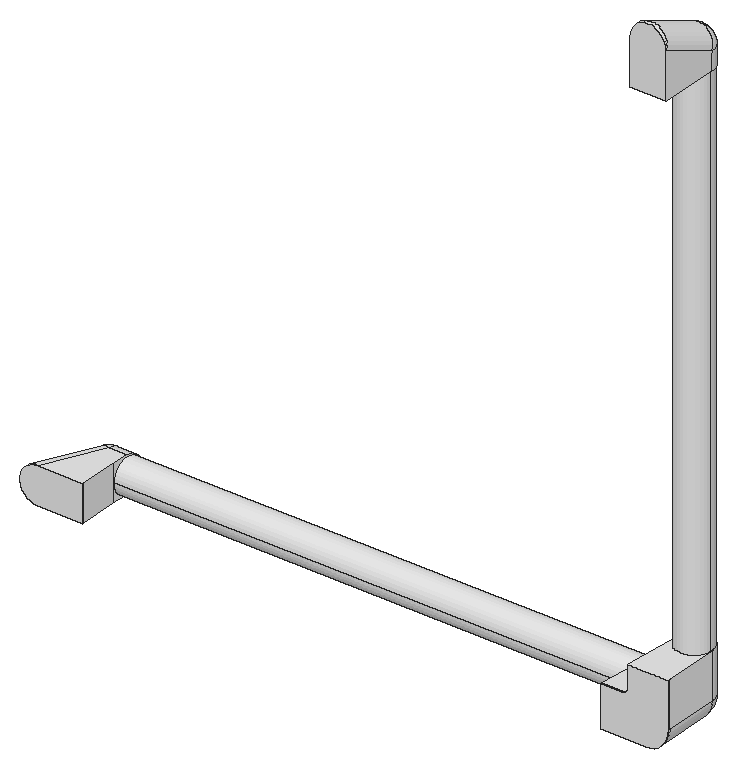
Revit family "P-34V（M）L型", category 一般モデル, Revit 2015
Parameters (values of type "P-34V（L-6060)")
  笠木色(2) = 笠木No.00ホワイト
  笠木色(1) = 笠木No.00ホワイト
  N_製造元 = "ナカ工業株式会社"  # constant formula
  N_手すり径 = 34 mm  # constant formula
  N_形式② = "L-6060"
  N_形式① = "P-34V"
  N_回転角度 = 0.00°
  N_品名 = "バリアフリー補助手すり　ソフトハンド"  # constant formula
  N_仕様① = "●手すり本体　φ34　表面材：半硬質樹脂（抗菌剤入り）+軟質樹脂二層成形　※ウッドカラー（M)は超微粒子木粉配合　芯材：ステンレス鋼管φ27.2x1.0t　●ブラケット・ブラケットカバー　特殊ABS樹脂"  # constant formula
  N_L2 = 600 mm
  N_L1 = 600 mm
Types (4, lengths in mm): name | 笠木色(2) | 笠木色(1) | N_形式② | N_形式① | N_L2
  P-34V（L-6060) | 笠木No.00ホワイト | 笠木No.00ホワイト | "L-6060" | "P-34V" | 600
  P-34V（L-7060) | 笠木No.00ホワイト | 笠木No.00ホワイト | "L-7060" | "P-34V" | 700
  P-34M（L-6060) | 笠木No.73バーチ(2) | 笠木No.73バーチ(1) | "L-6060" | "P-34M" | 600
  P-34M（L-7060) | 笠木No.73バーチ(2) | 笠木No.73バーチ(1) | "L-7060" | "P-34M" | 700
Reference planes
  plane 1 "中心(正面/背面)": y = 0
  plane 2: z = 0
  plane 3 "中心(左/右)": x = 0
Lines and regions (mm)
  reference lines
    curve 1: line (0, 0, 0) -> (-200, 0, 0)
Dimensions and locks
  "N_回転角度": angle curve 1 to level
  aligned and locked: level to plane 2
  aligned and locked: plane 3 "中心(左/右)" to curve 1
  aligned and locked: level to curve 1
Nested families
  nested 1: "N_P-34V(M)L型" at (0, 0, 0), type "N_P-34V(M)L型"
Definition of nested family "N_P-34V(M)L型"
  Parameters (values of type "N_P-34V(M)L型")
    笠木色(2) = none
    笠木色(1) = none
    Default Elevation = 1219.2 mm
    N_製造元 = ""
    N_手すり径 = 0 mm
    N_形式② = ""
    N_形式① = ""
    N_回転角度 = 0.00°
    N_品名 = ""
    N_仕様① = ""
    N_Tジョイント位置 = 0 mm
    N_L2 = 600 mm
    N_L1 = 600 mm
    N_H3 = 0 mm
    N_H2 = 0 mm
    N_H1 = 0 mm
    N_D2 = 0 mm
    N_D1 = 0 mm
  Reference planes
    plane 1 "中心(正面/背面)": y = 0
    plane 2: z = 0
    plane 3 "中心(左/右)": x = 0
    plane 4: x = -570.5
    plane 5: x = -47.5
    plane 6: y = 57.5
    plane 7: x = -632.5
    plane 8: x = -600
    plane 9: z = 570.5
    plane 10: z = 600
    plane 11: z = 632.5
    plane 12: z = 47.5
    plane 13: z = -20.5
  Forms (mm)
    Extrusion 1, solid, material <- "笠木色(2)"
      sketch origin (0, 0, 0) x (0, 1, 0) y (0, 0, 1)
        loop
          circle (57.5, 0) r 17
      from -570.5 to -47.5
    Extrusion 2, solid, material <- "笠木色(1)"
      sketch origin (0, 0, 0) x (1, 0, 0) y (0, 1, 0)
        loop
          circle (0, 57.5) r 17
      from 47.5 to 570.5
    Sweep 3, solid, material <- "笠木色(2)"
      path origin (0, 0, 0) x (1, 0, 0) y (0, 1, 0)
        loop
          line (-570.5, 75.5) -> (-588.55, 75.5)
          arc (-588.55, 75.5) -> (-598.898, 72.435) -> (-605.907, 64.228) r 19
          line (-605.907, 64.228) -> (-632.5, 4.5) -> (-632.5, 0)
      profile origin (-579.525, 75.5, 0) x (0, -1, 0) y (0, 0, 1)
        loop
          line (18, -18) -> (18, 18)
          arc (18, 18) -> (0, 0) -> (18, -18) r 18
    Extrusion 4, solid, material <- "笠木色(2)"
      sketch origin (0, 0, 0) x (1, 0, 0) y (0, 1, 0)
        loop
          line (-614.5, 0.674) -> (-568.988, 0.674) -> (-570.5, 39.999) -> (-570.5, 57.5) -> (-588.55, 57.5)
          arc (-588.55, 57.5) -> (-589.095, 57.339) -> (-589.464, 56.907) r 1
          line (-589.464, 56.907) -> (-614.5, 0.674)
      from -18 to 18
    Extrusion 5, solid, material <- "笠木色(2)"
      sketch origin (-614.5, 0.674, 0) x (1, 0, 0) y (0, 0, 1)
        loop
          line (45.512, 18) -> (0, 18) -> (0, -18) -> (45.512, -18) -> (45.512, 18)
      from 0 to 0.674
    Sweep 6, solid, material <- "笠木色(1)"
      path origin (-142.442, 57.5, 1200) x (-1, 0, 0) y (0, 0, 1)
        loop
          line (-94.942, -1220.502) -> (-139.943, -1220.502)
          arc (-139.943, -1220.502) -> (-156.206, -1213.766) -> (-162.942, -1197.504) r 22.998
          line (-162.942, -1197.504) -> (-162.942, -1152.5)
      profile origin (20.499, 57.5, 24.998) x (1, 0, 0) y (0, 1, 0)
        loop
          arc (-2.51, 0.797) -> (-8.046, 13.013) -> (-20.492, 18.009) r 18
          line (-20.492, 18.009) -> (-20.492, -57.5) -> (0, -57.5) -> (0, -56.503) -> (-2.51, 0.797)
    Extrusion 7, solid, material <- "笠木色(1)"
      sketch origin (-142.442, 57.5, 1200) x (-1, 0, 0) y (0, 0, 1)
        loop
          line (-139.943, -1200.01) -> (-94.942, -1200.01) -> (-94.942, -1179.5) -> (-117.443, -1179.5)
          arc (-117.443, -1179.5) -> (-120.624, -1178.182) -> (-121.943, -1175) r 4.5
          line (-121.943, -1175) -> (-121.943, -1152.5) -> (-142.449, -1152.5) -> (-142.449, -1197.504)
          arc (-142.449, -1197.504) -> (-141.715, -1199.276) -> (-139.943, -1200.01) r 2.506
      from -57.5 to 18.009
    Sweep 8, void
      path origin (-142.442, 75.509, 1200) x (-1, 0, 0) y (0, 0, 1)
        loop
          line (-94.942, -1179.5) -> (-117.443, -1179.5)
          arc (-117.443, -1179.5) -> (-120.624, -1178.182) -> (-121.943, -1175) r 4.5
          line (-121.943, -1175) -> (-121.943, -1152.5)
      profile origin (-36.25, 75.509, 20.5) x (0, 0, -1) y (0, 1, 0)
        loop
          line (-1, 0) -> (-1, -74.459) -> (0, -74.459) -> (2.507, -17.221)
          arc (2.507, -17.221) -> (7.077, -5.09) -> (19, 0) r 16.508
          line (19, 0) -> (-1, 0)
    Sweep 9, solid, material <- "笠木色(1)"
      path origin (0, 0, 0) x (0, 1, 0) y (0, 0, 1)
        loop
          line (75.5, 570.5) -> (75.5, 588.551)
          arc (75.5, 588.551) -> (72.435, 598.899) -> (64.228, 605.908) r 19
          line (64.228, 605.908) -> (4.5, 632.501) -> (0, 632.501)
      profile origin (0, 75.5, 579.526) x (0, -1, 0) y (1, 0, 0)
        loop
          arc (18, 18) -> (0, 0) -> (18, -18) r 18
          line (18, -18) -> (18, 18)
    Extrusion 10, solid, material <- "笠木色(1)"
      sketch origin (0, 0, 0) x (0, 1, 0) y (0, 0, 1)
        loop
          line (0.674, 614.501) -> (0.674, 569.014) -> (39.325, 570.5) -> (57.5, 570.5) -> (57.5, 588.551)
          arc (57.5, 588.551) -> (57.339, 589.095) -> (56.907, 589.464) r 1
          line (56.907, 589.464) -> (0.674, 614.501)
      from -18 to 18
    Extrusion 11, solid, material <- "笠木色(1)"
      sketch origin (0, 0.674, 614.501) x (0, 0, -1) y (1, 0, 0)
        loop
          line (45.486, -18) -> (45.486, 18) -> (0, 18) -> (0, -18) -> (45.486, -18)
      from 0 to 0.674
  Cuts and joins
    joined: Sweep 3, Extrusion 4, Extrusion 5
    Sweep 8 cuts Extrusion 7
    joined: Sweep 6, Extrusion 7
    joined: Sweep 9, Extrusion 10, Extrusion 11
  Dimensions and locks
    locked: plane 6 to plane 1 "中心(正面/背面)" at 57.5
    "N_L1": plane 3 "中心(左/右)" to plane 8
    locked: plane 8 to plane 7 at 32.5
    locked: plane 11 to plane 10 at 32.5
    locked: plane 10 to plane 9 at 29.5
    "N_L2": plane 10 to level
    locked: level to plane 13 at 20.5
    locked: plane 4 to plane 8 at 29.5
    aligned and locked: level to plane 2
    aligned and locked: Extrusion 1 to plane 4
    aligned and locked: plane 5 to Extrusion 1
    aligned and locked: Extrusion 2 to plane 12
    aligned and locked: plane 9 to Extrusion 2
    aligned and locked: nested 1 to plane 1 "中心(正面/背面)"
    aligned and locked: level to nested 1
    aligned and locked: nested 2 to plane 3 "中心(左/右)"
    aligned and locked: level to nested 2
  Automatic sketch dimensions
    Extrusion 1 sketch curve to level = 0 mm
    Extrusion 1 sketch curve to plane 6 = 0 mm
    Extrusion 2 sketch curve to plane 3 "中心(左/右)" = 0 mm
    Extrusion 2 sketch curve to plane 6 = 0 mm
    plane 1 "中心(正面/背面)" to Sweep 3 sketch curve = 0 mm
    Sweep 3 sketch curve to plane 7 = 0 mm
    Sweep 3 sketch curve to plane 4 = 0 mm
    Sweep 3 sketch curve to plane 8 = 5.907 mm
    Sweep 3 sketch curve to plane 6 = 1 mm
    plane 8 to Sweep 3 sketch curve = 11.45 mm
    Sweep 3 sketch curve to plane 1 "中心(正面/背面)" = 4.5 mm
    plane 6 to Sweep 3 sketch curve = 6.728 mm
    Sweep 3 sketch curve to level = 0 mm
    Sweep 3 sketch curve to profile plane = 18 mm
    Sweep 3 sketch curve to level = 18 mm
    Extrusion 4 sketch curve to plane 6 = 0 mm
    Extrusion 4 sketch curve to plane 4 = 0 mm
    Extrusion 4 sketch curve to plane 6 = 1 mm
    plane 8 to Extrusion 4 sketch curve = 11.45 mm
    Extrusion 4 sketch curve to plane 6 = 0.593 mm
    Extrusion 4 sketch curve to plane 1 "中心(正面/背面)" = 0.674 mm
    Extrusion 4 sketch curve to plane 8 = 14.5 mm
    plane 4 to Extrusion 4 sketch curve = 1.512 mm
    Extrusion 4 sketch curve to Extrusion 4 sketch curve = 17.501 mm
    Extrusion 5 sketch curve to Extrusion 4 = 0 mm  (x4)
    Sweep 6 sketch curve to plane 12 = 0 mm
    Sweep 6 sketch curve to plane 5 = 0 mm
    Sweep 6 sketch curve to plane 3 "中心(左/右)" = 2.499 mm
    level to Sweep 6 sketch curve = 2.496 mm
    plane 3 "中心(左/右)" to Sweep 6 sketch curve = 20.499 mm
    Sweep 6 sketch curve to profile plane = 0 mm
    plane 6 to Sweep 6 sketch curve = 0.797 mm
    profile plane to Sweep 6 sketch curve = 2.51 mm
    profile plane to Sweep 6 sketch curve = 20.492 mm
    plane 6 to Sweep 6 sketch curve = 0.009 mm
    Sweep 6 sketch curve to plane 6 = 56.503 mm
    Sweep 6 sketch curve to Sweep 6 sketch curve = 0.997 mm
    Extrusion 7 sketch curve to plane 12 = 0 mm
    Extrusion 7 sketch curve to plane 5 = 0 mm
    plane 5 to Extrusion 7 sketch curve = 22.5 mm
    Extrusion 7 sketch curve to plane 3 "中心(左/右)" = 20.5 mm
    Extrusion 7 sketch curve to level = 0.01 mm
    Extrusion 7 sketch curve to plane 3 "中心(左/右)" = 2.499 mm
    plane 3 "中心(左/右)" to Extrusion 7 sketch curve = 0.007 mm
    level to Extrusion 7 sketch curve = 20.5 mm
    Extrusion 7 to Sweep 8 sketch curve = 0 mm
    Sweep 8 sketch curve to Extrusion 7 = 0 mm
    Sweep 8 sketch curve to profile plane = 0 mm  (x2)
    profile plane to Sweep 8 sketch curve = 1 mm
    Sweep 8 sketch curve to profile plane = 2.507 mm
    Sweep 8 sketch curve to Sweep 8 sketch curve = 16.493 mm
    Sweep 8 sketch curve to Sweep 8 sketch curve = 16.508 mm
    Sweep 8 sketch curve to Sweep 8 sketch curve = 57.237 mm
    plane 11 to Sweep 9 sketch curve = 0.001 mm
    Sweep 9 sketch curve to plane 1 "中心(正面/背面)" = 4.5 mm
    Sweep 9 sketch curve to plane 6 = 1 mm
    plane 6 to Sweep 9 sketch curve = 6.728 mm
    plane 6 to Sweep 9 sketch curve = 18 mm
    plane 10 to Sweep 9 sketch curve = 5.908 mm
    plane 1 "中心(正面/背面)" to Sweep 9 sketch curve = 0 mm
    Sweep 9 sketch curve to plane 9 = 0 mm
    Sweep 9 sketch curve to plane 3 "中心(左/右)" = 0 mm
    Sweep 9 sketch curve to profile plane = 18 mm
    Sweep 9 sketch curve to plane 3 "中心(左/右)" = 18 mm
    Extrusion 10 sketch curve to plane 1 "中心(正面/背面)" = 0.674 mm
    Extrusion 10 sketch curve to plane 6 = 0 mm
    Extrusion 10 sketch curve to plane 6 = 18.175 mm
    Extrusion 10 sketch curve to plane 10 = 11.449 mm
    Extrusion 10 sketch curve to Extrusion 10 sketch curve = 0.914 mm
    Extrusion 10 sketch curve to plane 9 = 1.486 mm
    Extrusion 10 sketch curve to plane 9 = 0 mm
    Extrusion 10 sketch curve to plane 6 = 0.593 mm
    plane 10 to Extrusion 10 sketch curve = 14.501 mm
    Extrusion 11 sketch curve to Extrusion 10 = 0 mm  (x3)
    Extrusion 10 to Extrusion 11 sketch curve = 0 mm
    radius of Extrusion 1 sketch curve = 17 mm
    radius of Extrusion 2 sketch curve = 17 mm
    radius of Sweep 8 sketch curve to Extrusion 7 = 0 mm
  Nested families
    nested 1: "N_P-34V(M)L型_左右" at (0, 0, 0) x (0, -1, 0) z (1, 0, 0), type "N_P-34V(M)L型_左右"
    nested 2: "N_P-34V(M)L型_立面" at (0, 57.5, 0) x (1, 0, 0) z (0, 1, 0), type "N_P-34V(M)L型_立面"
  Definition of nested family "N_P-34V(M)L型_左右"
    Parameters (values of type "N_P-34V(M)L型_左右")
      N_L2 = 600 mm
      N_L1 = 600 mm
    Reference planes
      plane 1 "中心(正面/背面)": y = 0
      plane 2: z = 0
      plane 3 "中心(左/右)": x = 0
      plane 4: y = 600
      plane 5: y = 568.993
      plane 6: y = 632.5
      plane 7: y = 48.977
      plane 8: y = -20.492
      plane 9: x = -57.5
    Lines and regions (mm)
      Masking region 1, in view "参照レベル"
        outline origin (0, 0, 0) x (1, 0, 0) y (0, 1, 0)
          loop
            line (-40.499, 47.5) -> (-75.3, 47.5) -> (-75.3, 0)
            arc (-75.3, 0) -> (-70.303, -12.446) -> (-58.087, -17.983) r 18
            line (-58.087, -17.983) -> (-0.989, -20.492) -> (0, -20.492) -> (0, 48.977) -> (-1.122, 48.977) -> (-40.499, 47.5)
      Masking region 2, in view "参照レベル"
        outline origin (0, 0, 0) x (1, 0, 0) y (0, 1, 0)
          loop
            line (-4.501, 632.5) -> (-64.821, 605.644)
            arc (-64.821, 605.644) -> (-72.595, 599.003) -> (-75.499, 589.2) r 18
            line (-75.499, 589.2) -> (-75.5, 570.5) -> (-39.999, 570.5) -> (-0.802, 568.993) -> (0, 568.993) -> (0, 632.5) -> (-4.501, 632.5)
      Masking region 3, in view "参照レベル"
        outline origin (0, 0, 0) x (1, 0, 0) y (0, 1, 0)
          loop
            line (-74.5, 570.5) -> (-74.5, 47.5) -> (-40.499, 47.5) -> (-40.499, 570.5) -> (-74.5, 570.5)
      detail lines, in view "参照レベル"
        curve 1: line (-4.501, 632.5, 0) -> (-64.821, 605.644, 0)
        curve 2: arc (-64.82, 605.644, 0) -> (-72.595, 599.003, 0) -> (-75.499, 589.2, 0) r 18
        curve 3: line (-75.5, 589.2, 0) -> (-75.5, 570.5, 0)
        curve 4: line (-39.999, 570.5, 0) -> (-75.5, 570.5, 0)
        curve 5: line (-39.999, 570.5, 0) -> (-0.802, 568.993, 0)
        curve 6: line (0, 632.5, 0) -> (0, 568.993, 0)
        curve 7: line (-0.802, 568.993, 0) -> (0, 568.993, 0)
        curve 8: line (-4.501, 632.5, 0) -> (0, 632.5, 0)
        curve 9: line (-74.5, 570.5, 0) -> (-74.5, 47.5, 0)
        curve 10: line (-40.499, 47.5, 0) -> (-40.499, 570.5, 0)
        curve 11: line (-75.3, 47.5, 0) -> (-40.499, 47.5, 0)
        curve 12: line (-1.122, 48.977, 0) -> (-40.499, 47.5, 0)
        curve 13: line (-1.122, 48.977, 0) -> (0, 48.977, 0)
        curve 14: line (-75.3, 47.5, 0) -> (-75.3, 0, 0)
        curve 15: arc (-75.3, 0, 0) -> (-70.303, -12.446, 0) -> (-58.087, -17.983, 0) r 18
        curve 16: line (-58.088, -17.991, 0) -> (-0.989, -20.492, 0)
        curve 17: line (-0.989, -20.492, 0) -> (0, -20.492, 0)
        curve 18: line (0, 48.977, 0) -> (0, -20.492, 0)
        curve 19: line (0, 27.5, 0) -> (-75.3, 27.5, 0)
    Dimensions and locks
      "N_L2": plane 4 to plane 1 "中心(正面/背面)"
      locked: plane 6 to plane 4 at 32.5
      locked: plane 4 to plane 5 at 31.007
      locked: plane 9 to plane 3 "中心(左/右)" at 57.5
      locked: plane 7 to Masking region 3 sketch curve at 1.477
      locked: Masking region 3 sketch curve to plane 5 at 1.507
      aligned and locked: Masking region 2 sketch curve to plane 6
      aligned and locked: Masking region 2 sketch curve to plane 5
    Automatic sketch dimensions
      Masking region 1 sketch curve to plane 7 = 1.477 mm
      plane 9 to Masking region 1 sketch curve = 17.001 mm
      Masking region 1 sketch curve to plane 9 = 17.8 mm  (x2)
      Masking region 1 sketch curve to plane 3 "中心(左/右)" = 1.122 mm
      Masking region 1 sketch curve to Masking region 1 sketch curve = 47.5 mm
      Masking region 1 sketch curve to plane 8 = 0 mm
      plane 1 "中心(正面/背面)" to Masking region 1 sketch curve = 0 mm
      plane 9 to Masking region 1 sketch curve = 0.2 mm
      Masking region 1 sketch curve to plane 9 = 0.588 mm
      Masking region 1 sketch curve to Masking region 1 sketch curve = 0 mm
      Masking region 1 sketch curve to plane 3 "中心(左/右)" = 0.989 mm
      Masking region 1 sketch curve to Masking region 1 sketch curve = 0.008 mm
      Masking region 1 sketch curve to plane 3 "中心(左/右)" = 0 mm
      Masking region 1 sketch curve to plane 7 = 0 mm
      Masking region 2 sketch curve to plane 9 = 7.321 mm
      Masking region 2 sketch curve to plane 3 "中心(左/右)" = 4.501 mm
      plane 4 to Masking region 2 sketch curve = 5.644 mm
      Masking region 2 sketch curve to plane 3 "中心(左/右)" = 0 mm
      plane 5 to Masking region 2 sketch curve = 1.507 mm
      plane 9 to Masking region 2 sketch curve = 17.501 mm
      Masking region 2 sketch curve to plane 9 = 18 mm
      Masking region 2 sketch curve to plane 3 "中心(左/右)" = 0.802 mm
      Masking region 2 sketch curve to plane 4 = 10.8 mm  (x2)
      plane 9 to Masking region 2 sketch curve = 0.001 mm
      Masking region 2 sketch curve to Masking region 2 sketch curve = 0.001 mm
      Masking region 2 sketch curve to Masking region 2 sketch curve = 0 mm
      Masking region 3 sketch curve to plane 9 = 17 mm
      Masking region 3 sketch curve to plane 3 "中心(左/右)" = 40.499 mm
      plane 5 to curve 3 = 1.507 mm
      curve 3 to plane 9 = 18 mm
      plane 9 to curve 2 = 0.001 mm
      curve 2 to plane 4 = 10.8 mm
      curve 3 to curve 2 = 0.001 mm
      curve 1 to plane 9 = 7.321 mm
      curve 1 to curve 2 = 0 mm  (x2)
      plane 9 to curve 4 = 17.501 mm
      curve 1 to plane 3 "中心(左/右)" = 4.501 mm
      curve 3 to curve 2 = 0 mm
      curve 5 to plane 3 "中心(左/右)" = 0.802 mm
      plane 3 "中心(左/右)" to curve 7 = 0 mm
      curve 7 to plane 5 = 0 mm
      curve 1 to plane 6 = 0 mm
      curve 9 to plane 9 = 17 mm
      curve 10 to curve 4 = 0.5 mm
      curve 10 to plane 7 = 1.477 mm
      curve 12 to plane 3 "中心(左/右)" = 1.122 mm
      curve 17 to plane 8 = 0 mm
      plane 1 "中心(正面/背面)" to curve 14 = 0 mm
      plane 1 "中心(正面/背面)" to curve 15 = 0 mm
      plane 9 to curve 15 = 0.2 mm
      curve 14 to curve 9 = 0.8 mm
      curve 14 to curve 15 = 0 mm
      curve 16 to plane 9 = 0.588 mm
      curve 16 to curve 15 = 0 mm
      curve 16 to plane 3 "中心(左/右)" = 0.989 mm
      curve 16 to curve 15 = 0.008 mm
      curve 13 to plane 7 = 0 mm
      curve 19 to plane 3 "中心(左/右)" = 0 mm
      curve 19 to curve 11 = 20 mm
  Definition of nested family "N_P-34V(M)L型_立面"
    Parameters (values of type "N_P-34V(M)L型_立面")
      N_L2 = 600 mm
      N_L1 = 600 mm
    Reference planes
      plane 1 "中心(正面/背面)": y = 0
      plane 2: z = 0
      plane 3 "中心(左/右)": x = 0
      plane 4: y = 17
      plane 5: y = -17
      plane 6: x = 17.001
      plane 7: x = -17.001
      plane 8: y = 632.5
      plane 9: y = 600
      plane 10: y = 570.5
      plane 11: x = -632.5
      plane 12: x = -600
      plane 13: x = -570.5
      plane 14: x = -47.5
      plane 15: y = 47.5
    Lines and regions (mm)
      Masking region 1, in view "参照レベル"
        outline origin (0, 0, 0) x (1, 0, 0) y (0, 1, 0)
          loop
            line (-570.5, 17) -> (-570.5, -17) -> (-47.5, -17) -> (-47.5, 17) -> (-570.5, 17)
          loop
            line (-17.001, 570.5) -> (-17.001, 47.5) -> (17.001, 47.5) -> (17.001, 570.5) -> (-17.001, 570.5)
      Masking region 2, in view "参照レベル"
        outline origin (0, 0, 0) x (1, 0, 0) y (0, 1, 0)
          loop
            arc (-612, 20.5) -> (-632.468, 0) -> (-611.968, -20.5) r 20.5
            line (-611.968, -20.5) -> (-573.492, -20.5)
            arc (-573.492, -20.5) -> (-571.447, -19.694) -> (-570.5, -17.71) r 3
            line (-570.5, -17.71) -> (-570.5, 17.488)
            arc (-570.5, 17.488) -> (-571.378, 19.609) -> (-573.5, 20.5) r 3
            line (-573.5, 20.5) -> (-612, 20.5)
      Masking region 3, in view "参照レベル"
        outline origin (0, 0, 0) x (1, 0, 0) y (0, 1, 0)
          loop
            line (-25, 20.5) -> (-45.936, 20.5)
            arc (-45.936, 20.5) -> (-47.12, 20.056) -> (-47.72, 18.942) r 1.8
            arc (-47.72, 18.942) -> (-47.849, 17.972) -> (-47.97, 17) r 140.833
            line (-47.97, 17) -> (-47.97, -17)
            arc (-47.97, -17) -> (-47.849, -17.971) -> (-47.71, -18.942) r 140.833
            arc (-47.71, -18.942) -> (-47.111, -20.056) -> (-45.927, -20.5) r 1.8
            line (-45.927, -20.5) -> (-2.5, -20.5)
            arc (-2.5, -20.5) -> (13.764, -13.763) -> (20.502, 2.5) r 23
            line (20.502, 2.5) -> (20.502, 45.929)
            arc (20.502, 45.929) -> (20.049, 47.123) -> (18.919, 47.717) r 1.802
            arc (18.919, 47.717) -> (17.935, 47.847) -> (16.95, 47.97) r 140.83
            line (16.95, 47.97) -> (-17, 47.97)
            arc (-17, 47.97) -> (-17.971, 47.849) -> (-18.942, 47.697) r 140.833
            arc (-18.942, 47.697) -> (-20.055, 47.098) -> (-20.5, 45.913) r 1.8
            line (-20.5, 45.913) -> (-20.5, 25)
            arc (-20.5, 25) -> (-21.818, 21.818) -> (-25, 20.5) r 4.5
      Masking region 4, in view "参照レベル"
        outline origin (0, 0, 0) x (1, 0, 0) y (0, 1, 0)
          loop
            arc (20.501, 611.892) -> (0, 632.392) -> (-20.5, 611.892) r 20.5
            line (-20.5, 611.892) -> (-20.5, 573.495)
            arc (-20.5, 573.495) -> (-19.681, 571.435) -> (-17.672, 570.5) r 3
            line (-17.672, 570.5) -> (17.5, 570.5)
            arc (17.5, 570.5) -> (19.622, 571.379) -> (20.5, 573.5) r 3
            line (20.5, 573.5) -> (20.501, 611.892)
      detail lines, in view "参照レベル"
        curve 1: arc (-611.968, 20.5, 0) -> (-632.468, 0, 0) -> (-611.968, -20.5, 0) r 20.5
        curve 2: line (-573.5, 20.5, 0) -> (-612, 20.5, 0)
        curve 3: line (-611.968, -20.5, 0) -> (-573.492, -20.5, 0)
        curve 4: line (-570.5, 17.488, 0) -> (-570.5, -17.71, 0)
        curve 5: arc (-573.492, -20.5, 0) -> (-571.447, -19.694, 0) -> (-570.5, -17.71, 0) r 3
        curve 6: arc (-570.5, 17.488, 0) -> (-571.378, 19.609, 0) -> (-573.5, 20.488, 0) r 3
        curve 7: line (-570.5, 17, 0) -> (-47.5, 17, 0)
        curve 8: line (-570.5, -17, 0) -> (-47.5, -17, 0)
        curve 9: arc (-570.5, -15, 0) -> (-568.5, 0, 0) -> (-570.5, 15, 0) r 57.25
        curve 10: line (-20.5, 45.913, 0) -> (-20.5, 25, 0)
        curve 11: arc (-20.5, 25, 0) -> (-21.818, 21.818, 0) -> (-25, 20.5, 0) r 4.5
        curve 12: line (-25, 20.5, 0) -> (-45.936, 20.5, 0)
        curve 13: arc (-45.936, 20.5, 0) -> (-47.12, 20.056, 0) -> (-47.72, 18.942, 0) r 1.8
        curve 14: arc (-47.72, 18.942, 0) -> (-47.849, 17.971, 0) -> (-47.97, 17, 0) r 140.833
        curve 15: line (-47.5, 17, 0) -> (-47.5, -17, 0)
        curve 16: arc (-47.97, -17, 0) -> (-47.849, -17.971, 0) -> (-47.72, -18.942, 0) r 140.833
        curve 17: arc (-47.71, -18.942, 0) -> (-47.111, -20.056, 0) -> (-45.927, -20.5, 0) r 1.8
        curve 18: line (-45.927, -20.5, 0) -> (-2.5, -20.5, 0)
        curve 19: line (-27.5, 20.5, 0) -> (-27.5, -20.5, 0)
        curve 20: arc (-2.5, -20.5, 0) -> (13.764, -13.763, 0) -> (20.5, 2.5, 0) r 23
        curve 21: line (20.502, 2.5, 0) -> (20.502, 45.929, 0)
        curve 22: arc (20.502, 45.929, 0) -> (20.049, 47.123, 0) -> (18.919, 47.717, 0) r 1.802
        curve 23: arc (18.919, 47.717, 0) -> (17.96, 47.844, 0) -> (17.001, 47.964, 0) r 140.83
        curve 24: line (-17.001, 47.5, 0) -> (17.001, 47.5, 0)
        curve 25: arc (-18.942, 47.697, 0) -> (-20.055, 47.098, 0) -> (-20.5, 45.913, 0) r 1.8
        curve 26: arc (-17.001, 47.97, 0) -> (-17.972, 47.849, 0) -> (-18.942, 47.72, 0) r 140.833
        curve 27: line (-17.001, 570.5, 0) -> (-17.001, 47.5, 0)
        curve 28: line (17.001, 570.5, 0) -> (17.001, 47.5, 0)
        curve 29: line (20.5, 27.5, 0) -> (-20.499, 27.5, 0)
        curve 30: line (-17.672, 570.5, 0) -> (17.5, 570.5, 0)
        curve 31: arc (17.5, 570.5, 0) -> (19.622, 571.379, 0) -> (20.5, 573.5, 0) r 3
        curve 32: line (20.501, 573.5, 0) -> (20.501, 611.892, 0)
        curve 33: arc (-20.5, 573.495, 0) -> (-19.681, 571.435, 0) -> (-17.672, 570.5, 0) r 3
        curve 34: line (-20.5, 611.892, 0) -> (-20.5, 573.495, 0)
        curve 35: arc (-14.999, 570.5, 0) -> (0, 568.5, 0) -> (14.999, 570.5, 0) r 57.25
        curve 36: arc (20.501, 611.892, 0) -> (0, 632.392, 0) -> (-20.5, 611.892, 0) r 20.5
    Dimensions and locks
      locked: plane 8 to plane 9 at 32.5
      locked: plane 9 to plane 10 at 29.5
      "N_L2": plane 9 to plane 1 "中心(正面/背面)"
      equal spacing: plane 7, plane 3 "中心(左/右)", plane 6
      locked: plane 7 to plane 6 at 34.001
      equal spacing: plane 4, plane 1 "中心(正面/背面)", plane 5
      locked: plane 4 to plane 5 at 34
      locked: plane 11 to plane 12 at 32.5
      locked: plane 12 to plane 13 at 29.5
      "N_L1": plane 12 to plane 3 "中心(左/右)"
      locked: plane 14 to plane 3 "中心(左/右)" at 47.5
      locked: plane 1 "中心(正面/背面)" to plane 15 at 47.5
      aligned and locked: Masking region 1 sketch curve to plane 4
      aligned and locked: plane 5 to Masking region 1 sketch curve
      aligned and locked: Masking region 1 sketch curve to plane 14
      aligned and locked: plane 13 to Masking region 1 sketch curve
      aligned and locked: plane 15 to Masking region 1 sketch curve
      aligned and locked: Masking region 1 sketch curve to plane 6
      aligned and locked: plane 7 to Masking region 1 sketch curve
      aligned and locked: Masking region 1 sketch curve to plane 10
      aligned and locked: Masking region 4 sketch curve to plane 10
      aligned and locked: curve 7 to plane 4
      aligned and locked: curve 8 to plane 5
    Automatic sketch dimensions
      Masking region 2 sketch curve to plane 1 "中心(正面/背面)" = 0 mm
      Masking region 2 sketch curve to plane 12 = 11.968 mm
      Masking region 2 sketch curve to Masking region 2 sketch curve = 0.032 mm
      Masking region 2 sketch curve to plane 13 = 2.993 mm
      Masking region 2 sketch curve to plane 13 = 3 mm  (x2)
      plane 4 to Masking region 2 sketch curve = 3.5 mm
      Masking region 2 sketch curve to plane 13 = 0 mm
      plane 4 to Masking region 2 sketch curve = 0.488 mm
      Masking region 2 sketch curve to plane 5 = 0.5 mm
      Masking region 2 sketch curve to Masking region 2 sketch curve = 2.79 mm
      Masking region 3 sketch curve to Masking region 3 sketch curve = 0 mm  (x8)
      Masking region 3 sketch curve to plane 3 "中心(左/右)" = 0 mm  (x2)
      plane 1 "中心(正面/背面)" to Masking region 3 sketch curve = 0 mm
      Masking region 3 sketch curve to plane 3 "中心(左/右)" = 2.5 mm
      Masking region 3 sketch curve to plane 7 = 1.699 mm
      Masking region 3 sketch curve to plane 7 = 3.499 mm
      Masking region 3 sketch curve to Masking region 3 sketch curve = 4.5 mm
      plane 14 to Masking region 3 sketch curve = 1.573 mm
      plane 14 to Masking region 3 sketch curve = 1.564 mm
      plane 4 to Masking region 3 sketch curve = 0 mm
      Masking region 3 sketch curve to plane 14 = 0.47 mm
      plane 6 to Masking region 3 sketch curve = 1.699 mm
      Masking region 3 sketch curve to Masking region 3 sketch curve = 1.802 mm
      Masking region 3 sketch curve to Masking region 3 sketch curve = 71.332 mm
      Masking region 3 sketch curve to plane 5 = 0 mm
      Masking region 3 sketch curve to plane 5 = 1.7 mm
      Masking region 3 sketch curve to Masking region 3 sketch curve = 1.8 mm
      Masking region 3 sketch curve to Masking region 3 sketch curve = 0.003 mm
      Masking region 3 sketch curve to plane 1 "中心(正面/背面)" = 2.5 mm
      plane 4 to Masking region 3 sketch curve = 1.7 mm
      plane 4 to Masking region 3 sketch curve = 3.5 mm
      Masking region 3 sketch curve to plane 15 = 1.587 mm
      Masking region 3 sketch curve to plane 15 = 1.571 mm
      plane 7 to Masking region 3 sketch curve = 0.001 mm
      plane 15 to Masking region 3 sketch curve = 0.197 mm
      Masking region 3 sketch curve to plane 14 = 0.21 mm
      Masking region 3 sketch curve to plane 14 = 0.22 mm
      Masking region 3 sketch curve to Masking region 3 sketch curve = 0.01 mm
      Masking region 3 sketch curve to plane 6 = 0.051 mm
      plane 15 to Masking region 3 sketch curve = 0.217 mm
      Masking region 3 sketch curve to Masking region 3 sketch curve = 0.001 mm
      Masking region 3 sketch curve to Masking region 3 sketch curve = 0.023 mm
      plane 3 "中心(左/右)" to Masking region 4 sketch curve = 0 mm
      plane 9 to Masking region 4 sketch curve = 11.892 mm
      plane 10 to Masking region 4 sketch curve = 2.995 mm
      plane 10 to Masking region 4 sketch curve = 3 mm
      Masking region 4 sketch curve to plane 7 = 0.499 mm
      plane 6 to Masking region 4 sketch curve = 0.5 mm
      Masking region 4 sketch curve to Masking region 4 sketch curve = 0 mm
      Masking region 4 sketch curve to plane 7 = 0.671 mm
      Masking region 4 sketch curve to plane 10 = 0 mm
      curve 3 to plane 5 = 3.5 mm
      curve 3 to plane 12 = 11.968 mm
      curve 1 to plane 1 "中心(正面/背面)" = 0 mm
      curve 2 to curve 1 = 0.032 mm
      curve 2 to plane 13 = 3 mm
      curve 3 to plane 13 = 2.993 mm
      curve 1 to curve 2 = 0 mm
      curve 5 to curve 4 = 2.79 mm
      plane 4 to curve 6 = 0.488 mm
      curve 6 to curve 6 = 3 mm
      curve 5 to plane 13 = 0 mm
      plane 1 "中心(正面/背面)" to curve 9 = 0 mm
      plane 11 to curve 9 = 6.75 mm
      plane 13 to curve 9 = 0 mm  (x2)
      plane 5 to curve 9 = 2 mm
      curve 11 to plane 7 = 7.999 mm
      curve 10 to plane 7 = 3.499 mm
      plane 4 to curve 11 = 8 mm
      curve 10 to plane 15 = 1.587 mm
      plane 14 to curve 12 = 1.564 mm
      curve 14 to curve 16 = 0 mm  (x2)
      curve 15 to plane 14 = 0 mm
      plane 1 "中心(正面/背面)" to curve 14 = 0 mm
      plane 14 to curve 13 = 1.564 mm
      plane 14 to curve 17 = 1.573 mm
      curve 7 to curve 14 = 139.333 mm
      curve 18 to plane 5 = 3.5 mm
      curve 17 to plane 5 = 1.7 mm
      plane 4 to curve 13 = 1.7 mm
      curve 16 to plane 14 = 0.47 mm
      curve 14 to plane 14 = 0.47 mm
      curve 16 to plane 14 = 0.22 mm
      curve 14 to plane 14 = 0.22 mm
      curve 14 to curve 13 = 0 mm
      curve 16 to curve 17 = 0.01 mm
      curve 18 to plane 3 "中心(左/右)" = 2.5 mm
      curve 17 to curve 15 = 3.5 mm
      curve 13 to curve 14 = 0 mm
      curve 15 to plane 15 = 30.5 mm
      curve 19 to curve 12 = 2.5 mm
      curve 19 to plane 5 = 3.5 mm
      curve 20 to plane 3 "中心(左/右)" = 2.5 mm
      plane 6 to curve 22 = 1.699 mm
      curve 22 to curve 21 = 1.802 mm
      curve 20 to plane 1 "中心(正面/背面)" = 2.5 mm
      curve 21 to plane 15 = 1.571 mm
      plane 15 to curve 22 = 0.217 mm
      curve 20 to curve 21 = 0.001 mm
      curve 20 to curve 21 = 0 mm
      curve 23 to plane 3 "中心(左/右)" = 0 mm
      curve 23 to curve 18 = 71.336 mm
      curve 23 to plane 6 = 0 mm
      curve 24 to plane 15 = 0 mm
      curve 25 to plane 7 = 1.699 mm
      plane 14 to curve 24 = 30.499 mm
      plane 15 to curve 25 = 0.197 mm
      curve 24 to curve 22 = 3.501 mm
      curve 27 to plane 7 = 0 mm
      curve 26 to plane 3 "中心(左/右)" = 0 mm
      curve 23 to curve 26 = 0.003 mm
      curve 26 to curve 25 = 0 mm
      curve 25 to curve 26 = 0.023 mm
      curve 10 to curve 29 = 0 mm
      plane 6 to curve 29 = 3.5 mm
      plane 4 to curve 29 = 10.5 mm
      plane 6 to curve 31 = 0.5 mm
      plane 10 to curve 31 = 3 mm
      curve 33 to plane 7 = 0.499 mm
      plane 10 to curve 33 = 2.995 mm
      curve 33 to curve 33 = 3 mm
      curve 31 to curve 32 = 0 mm
      curve 32 to curve 31 = 0 mm
      plane 9 to curve 34 = 11.892 mm
      curve 35 to plane 3 "中心(左/右)" = 0 mm
      curve 35 to plane 8 = 6.75 mm
      plane 7 to curve 35 = 2.002 mm
      curve 31 to plane 10 = 0 mm
